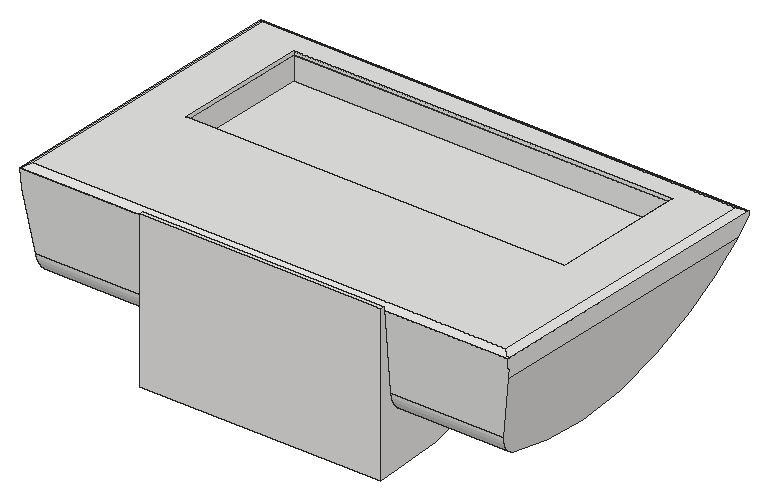
Revit family "WD2M-Up", category Lighting Fixtures, host Wall, Revit 2014
Parameters (values of type "WDM-U-48L-104-3K7-FTD")
  Watts = 104 W
  Wattage Comments = "55,65,85,105&130W"  # constant formula
  Wattage = 104 W
  built-in parameter 1150110 = 1 (stored number, unit not read)
  Voltage = 120 V
  URL = "https://www.hubbell.com/kimlighting/en/"
  Type Comments = "Lighting Fixture"  # constant formula
  built-in parameter 1114217 = 1 (stored number, unit not read)
  Tilt Angle = 90.00°
  built-in parameter 1150109 = 1 (stored number, unit not read)
  built-in parameter 1150134 = (empty or 0)
  built-in parameter 1150113 = 1 (stored number, unit not read)
  Series = "Wall Director"  # constant formula
  Product Page URL = "https://www.hubbell.com/kimlighting/en/Products/Lighting-Controls/Commercial-Outdoor-Lighting/Wall-Mount/Wall-Director-2-0/p/2657528"
  Product Documentation Link = "https://www.hubbell.com/kimlighting/en/Products/Lighting-Controls/Commercial-Outdoor-Lighting/Wall-Mount/Wall-Director-2-0/p/2657528"
  Power Factor = 1  # constant formula
  Photometric Web Link = "https://www.hubbell.com/kimlighting/en/Products/Lighting-Controls/Commercial-Outdoor-Lighting/Wall-Mount/Wall-Director-2-0/p/2657528"
  Photometric Web File = "WDM-D-48L-104-3K7-FTD.IES"
  Photometric Notes = "More IES files download on Photometric Web Link"  # constant formula
  OmniClass Title = "Wall or Ceiling Mounted External Lighting"  # constant formula
  OmniClass Number = "23-80 70 14 11 17"  # constant formula
  Number of Poles = 1
  Note Visible = yes
  Note Text = "LF"  # constant formula
  Mounting Height = 108.00"
  Model = "WD2M-Up"  # constant formula
  MasterFormat Title = "Parking Lighting, Site Lighting"  # constant formula
  Manufacturer = "Kim Lighting"  # constant formula
  Lumens = 10712 lm
  built-in parameter 1150115 = 1 (stored number, unit not read)
  built-in parameter 1150105 = 2841.2 (stored number, unit not read)
  Load Classification = Lighting
  built-in parameter 1150137 = (empty or 0)
  built-in parameter 1150139 = (empty or 0)
  Light Engine = "3000K/70CRI"
  built-in parameter 1150112 = 1 (stored number, unit not read)
  built-in parameter 1150114 = 1 (stored number, unit not read)
  Lamp = "48 LEDs"  # constant formula
  built-in parameter 1150132 = (empty or 0)
  built-in parameter 1150102 = (empty or 0)
  built-in parameter 1150138 = (empty or 0)
  built-in parameter 1150107 = 3000 (stored number, unit not read)
  built-in parameter 1150106 = 28.412 (stored number, unit not read)
  Emit from Rectangle Width = 14.00"  # constant formula
  Emit from Rectangle Length = 5.00"  # constant formula
  Emit Shape Visible in Rendering = no
  built-in parameter 1150104 = 9.569 (stored number, unit not read)
  Distribution = "Forward Throw Diffuse"
  Dimming Lamp Color Temperature Shift = <None>
  Description = "Wall Mounted Luminaire"  # constant formula
  Create Date = "02/16/2018"  # constant formula
  Colour Option = WD : White
  Color Filter = 16777215
  built-in parameter 1114218 = 1 (stored number, unit not read)
  built-in parameter 1150133 = 10 (stored number, unit not read)
  Assembly Code = "D5020200"
  Apparent Load = 0 VA
Types (7): name | Watts | Wattage | built-in parameter 1150134 | Photometric Web File | Lumens | built-in parameter 1150105 | Light Engine | built-in parameter 1150107 | built-in parameter 1150106 | built-in parameter 1150104 | Distribution
  (no name) | 104 W | 104 W | (empty or 0) | "WDM-D-48L-104-3K7-FTD.IES" | 10712 lm | 2841.2 (stored number, unit not read) | "3000K/70CRI" | 3000 (stored number, unit not read) | 28.412 (stored number, unit not read) | 9.569 (stored number, unit not read) | "Forward Throw Diffuse"
  WDM-U-48L-88-3K7-WG | 88 W | 88 W | (empty or 0) | "WDM-D-48L-88-3K7-WG.IES" | 10736 lm | 854.34 (stored number, unit not read) | "3000K/70CRI" | 3000 (stored number, unit not read) | 8.5434 (stored number, unit not read) | 11.334 (stored number, unit not read) | "Wall Graze"
  WDM-U-48L-68-3K7-SP | 68 W | 68 W | (empty or 0) | "WDM-D-48L-68-3K7-SP.IES" | 9316 lm | 741.34 (stored number, unit not read) | "3000K/70CRI" | 3000 (stored number, unit not read) | 7.4134 (stored number, unit not read) | 12.728 (stored number, unit not read) | "Spot/Column"
  WDM-U-48L-55-4K7-FTD | 54 W | 54 W | 12 | "WDM-D-48L-55-4K7-FTD.IES" | 6048 lm | 1604.2 (stored number, unit not read) | "4000K/70CRI" | 4000 (stored number, unit not read) | 16.042 (stored number, unit not read) | 10.405 (stored number, unit not read) | "Forward Throw Diffuse"
  WDM-U-48L-131-4K7-1 | 131 W | 131 W | 12 | "WDM-D-48L-131-4K7-1.IES" | 15720 lm | 4169.5 (stored number, unit not read) | "4000K/70CRI" | 4000 (stored number, unit not read) | 41.695 (stored number, unit not read) | 11.148 (stored number, unit not read) | "Type I"
  WDM-U-48L-104-3K7-FTD | 104 W | 104 W | (empty or 0) | "WDM-D-48L-104-3K7-FTD.IES" | 10712 lm | 2841.2 (stored number, unit not read) | "3000K/70CRI" | 3000 (stored number, unit not read) | 28.412 (stored number, unit not read) | 9.569 (stored number, unit not read) | "Forward Throw Diffuse"
  WDM-U-48L-104-5K7-4W | 104 W | 104 W | 2 | "WDM-D-48L-104-5K7-4W.IES" | 12272 lm | 3255 (stored number, unit not read) | "5000K/70CRI" | 5000 (stored number, unit not read) | 32.55 (stored number, unit not read) | 10.963 (stored number, unit not read) | "Type IV Wide"
Reference planes (in)
  plane 1: y = 0
  plane 2 "Light Source Axis (F/B)": y = 10.8
  plane 3 "Light Source Axis (L/R)": x = -1.43133
  plane 4 "Light Source Elevation": z = 110.25
  plane 5 "Back": y = 3
  plane 6: z = 0
  plane 7: z = 108
Text (in)
  text "Placement Side" at (0, 30.98322, 113.37339), in view "Right"
  text "Placement Side" at (-61.11156, 46.17328, 0), in view "Ref. Level"
  text "Placement Side" at (0, 49.33155, 111.53661), in view "Left"
Dimensions and locks (in)
  locked: plane 5 "Back" to host wall at 0
  plane 6 to plane 4 "Light Source Elevation" = 110.25"
  plane 2 "Light Source Axis (F/B)" to plane 5 "Back" = 7.80"
  locked: plane 7 to plane 4 "Light Source Elevation" at 2.25
  "Mounting Height": plane 6 to plane 7
  aligned and locked: plane 3 "Light Source Axis (L/R)" to nested 1
  aligned and locked: nested 1 to plane 7
  aligned and locked: imposter light to plane 3 "Light Source Axis (L/R)"
  aligned and locked: imposter light to plane 4 "Light Source Elevation"
Nested families (in)
  nested 1: "WD" at (-1.43133, 3, 108) x (1, 0, 0) z (0, 1, 0), type "Platinum Silver"
Connectors (in)
  electrical at (-1.43133, 3, 108), driven by "Load Classification", driven by "Voltage", driven by "Apparent Load", driven by "Power Factor"
    settings: on nested 1, index 1, voltage 120 V, apparent load 0 VA, apparent load phase1 0 VA, apparent load phase2 0 VA, apparent load phase3 0 VA, power factor 1, load classification "Lighting", number of poles 1, system type 30, power factor state 1, is connector primary yes, connector utility no, sub classification motor no, connector description "Lighting Connector"
Definition of nested family "WD"
  Parameters (values of type "White")
    Material Finish = Hubbell - White
    Glass = Hubbell - White Glass
  Types (7): name | Material Finish
    Black | Hubbell - Black
    Dark Bronze | Hubbell - Dark Bronze
    Graphite | Hubbell - Graphite
    Light Gray | Hubbell - Light Gray
    Platinum Silver | Hubbell - Platinum Silver
    Titanium | Hubbell - Titanium
    White | Hubbell - White
  Reference planes (in)
    plane 1 "Center (Front/Back)": y = 0
    plane 2: z = 0
    plane 3 "Center (Left/Right)": x = 0
    plane 4: x = -9
    plane 5: x = 9
    plane 6: y = 2.85
    plane 7: y = -2.85
    plane 8: y = -2.725
    plane 9: z = 11.3
    plane 10: x = -4.45
    plane 11: x = 4.45
    plane 12: z = 10.3
    plane 13: z = 5.3
    plane 14: x = -7
    plane 15: x = 7
    plane 16: y = -1.85
    plane 17: through (-9, -2.025, 48) normal (-0.9877, 0.1564, 0)
    plane 18: through (9, -2.025, 48) normal (-0.9877, -0.1564, 0)
  Forms (in)
    Extrusion 1, solid, material "Hubbell - White" <- "Material Finish"
      sketch origin (0, 0, 0) x (0, 1, 0) y (0, 0, 1)
        loop
          line (-2.725, 0.16693) -> (0.1471, 0.44164)
          arc (0.1471, 0.44164) -> (0.61316, 0.631) -> (0.89874, 1.04514) r 0.87792
          arc (0.89874, 1.04514) -> (1.22413, 5.14012) -> (-0.33139, 8.9421) r 8.86465
          arc (-0.33139, 8.9421) -> (-1.38085, 10.20288) -> (-2.60039, 11.3) r 11.40102
          line (-2.60039, 11.3) -> (-2.725, 11.3) -> (-2.725, 0.16693)
      from -9 to 9
    Extrusion 2, solid, material "Hubbell - White" <- "Material Finish"
      sketch origin (0, 0, 0) x (0, 1, 0) y (0, 0, 1)
        loop
          line (-2.85, 0) -> (2.85, 0)
          arc (2.85, 0) -> (2.02383, 5.052) -> (-0.68128, 9.398) r 13.05555
          arc (-0.68128, 9.398) -> (1.1753, 5.42332) -> (0.89874, 1.04514) r 8.86465
          arc (0.89874, 1.04514) -> (0.61316, 0.631) -> (0.1471, 0.44164) r 0.87792
          line (0.1471, 0.44164) -> (-2.85, 0.15497) -> (-2.85, 0)
      from -4.45 to 4.45
    Extrusion 3, void
      sketch origin (0, 0, 0) x (1, 0, 0) y (0, 1, 0)
        loop
          line (-9, -2.025) -> (-8.22788, 2.85) -> (-9, 2.85) -> (-9, -2.025)
        loop
          line (9, -2.025) -> (9, 2.85) -> (8.22788, 2.85) -> (9, -2.025)
      from 0 to 11.3
    Blend 4, solid, material "Hubbell - White" <- "Material Finish"
      base sketch origin (0, 0, 0) x (1, 0, 0) y (0, 0, 1)
        loop
          line (-9, 11.3) -> (-9, 0.17032) -> (9, 0.17032) -> (9, 11.3) -> (-9, 11.3)
      top sketch origin (0, 0, 0) x (1, 0, 0) y (0, 0, 1)
        loop
          line (-8.73026, 11.05) -> (-8.73026, 0.42032) -> (8.75, 0.42032) -> (8.75, 11.05) -> (-8.73026, 11.05)
      from 2.725 to 2.85
    Extrusion 5, void
      sketch origin (0, 0, 0) x (1, 0, 0) y (0, 0, 1)
        loop
          line (-7, 10.3) -> (-7, 5.3) -> (7, 5.3) -> (7, 10.3) -> (-7, 10.3)
      from 1.85 to 2.85
    Extrusion 6, solid, material "Hubbell - White Glass" <- "Glass"
      sketch origin (0, 0, 0) x (1, 0, 0) y (0, 0, 1)
        loop
          line (-7, 10.3) -> (-7, 5.3) -> (7, 5.3) -> (7, 10.3) -> (-7, 10.3)
      from 2.725 to 2.85
  Cuts and joins
    Extrusion 3, Extrusion 5 cuts Extrusion 1
    Extrusion 5 cuts Blend 4
  Dimensions and locks (in)
    equal spacing: plane 4, plane 3 "Center (Left/Right)", plane 5
    plane 4 to plane 5 = 18.00"
    equal spacing: plane 6, plane 1 "Center (Front/Back)", plane 7
    locked: plane 6 to plane 7 at 5.7
    locked: plane 8 to plane 7 at 0.125
    plane 9 to plane 2 = 11.30"
    equal spacing: plane 10, plane 3 "Center (Left/Right)", plane 11
    locked: plane 9 to plane 12 at 1
    locked: plane 12 to plane 13 at 5
    locked: plane 14 to plane 4 at 2
    locked: plane 5 to plane 15 at 2
    locked: plane 16 to plane 7 at 1
    locked: plane 10 to plane 11 at 8.9
    angle plane 17 to plane 4 = 9.00°
    angle plane 5 to plane 18 = 9.00°
    aligned and locked: plane 2 to level
    aligned and locked: Extrusion 2 sketch curve to plane 7
    aligned and locked: plane 2 to Extrusion 2 sketch curve
    aligned and locked: Extrusion 1 to plane 4
    aligned and locked: plane 5 to Extrusion 1
    aligned and locked: Extrusion 2 to plane 10
    aligned and locked: Extrusion 2 to plane 11
    aligned and locked: plane 6 to Extrusion 3 sketch curve
    aligned and locked: Extrusion 3 sketch curve to plane 4
    aligned and locked: Extrusion 3 sketch curve to plane 6
    aligned and locked: Extrusion 3 sketch curve to plane 5
    aligned and locked: plane 9 to Extrusion 3
    aligned and locked: Extrusion 3 to plane 2
    aligned and locked: Blend 4 sketch curve to cut or joined group of Extrusion 1, Extrusion 3, Extrusion 5
    aligned and locked: plane 8 to Blend 4
    aligned and locked: Blend 4 to plane 7
    aligned and locked: Extrusion 5 sketch curve to plane 12
    aligned and locked: plane 14 to Extrusion 5 sketch curve
    aligned and locked: plane 13 to Extrusion 5 sketch curve
    aligned and locked: Extrusion 5 sketch curve to plane 15
    aligned and locked: Extrusion 5 to plane 7
    aligned and locked: plane 16 to Extrusion 5
    aligned and locked: Extrusion 6 sketch curve to cut or joined group of Extrusion 1, Extrusion 3, Extrusion 5  (x4)
    aligned and locked: plane 8 to Extrusion 6
    aligned and locked: Extrusion 6 to plane 7
    aligned and locked: Extrusion 3 sketch curve to plane 17
    aligned and locked: Extrusion 3 sketch curve to plane 18
  Automatic sketch dimensions
    plane 4 to Blend 4 sketch curve = 0.26974"
    Blend 4 sketch curve to plane 5 = 0.25"
    level to Blend 4 sketch curve = 0.42032"
    Blend 4 sketch curve to plane 9 = 0.25"
    Extrusion 2 sketch curve to plane 6 = 0.00"
    level to Extrusion 2 sketch curve = 0.45988"
    Extrusion 2 sketch curve to Extrusion 2 sketch curve = 0.15497"
    level to Extrusion 2 sketch curve = 0.44164"
    Extrusion 1 sketch curve to plane 8 = 0.00"
    Extrusion 1 sketch curve to plane 9 = 0.00"
    Extrusion 1 sketch curve to plane 7 = 4.68489"
    Extrusion 1 sketch curve to Extrusion 1 sketch curve = 2.06107"
    Extrusion 1 sketch curve to Extrusion 1 sketch curve = 0.12461"
    Extrusion 1 sketch curve to plane 1 "Center (Front/Back)" = 0.06351"
    Extrusion 1 sketch curve to plane 1 "Center (Front/Back)" = 0.1471"
    level to Extrusion 1 sketch curve = 3.77571"
    level to Extrusion 1 sketch curve = 2.29749"
    level to Extrusion 1 sketch curve = 1.31557"
    level to Extrusion 1 sketch curve = 0.44164"
    level to Extrusion 1 sketch curve = 0.16693"
    Extrusion 1 sketch curve to Extrusion 1 sketch curve = 0.00"
    Blend 4 sketch curve to plane 4 = 0.00"
    Blend 4 sketch curve to plane 5 = 0.00"
    level to Blend 4 sketch curve = 0.17032"
    Extrusion 2 sketch curve to plane 1 "Center (Front/Back)" = 0.06351"
    Extrusion 2 sketch curve to Extrusion 2 sketch curve = 0.87393"
    Extrusion 2 sketch curve to plane 1 "Center (Front/Back)" = 0.1471"
    Extrusion 2 sketch curve to Extrusion 2 sketch curve = 0.75164"
    level to Extrusion 2 sketch curve = 3.77571"
    plane 1 "Center (Front/Back)" to Extrusion 2 sketch curve = 0.68128"
    Extrusion 2 sketch curve to Extrusion 2 sketch curve = 0.00"
